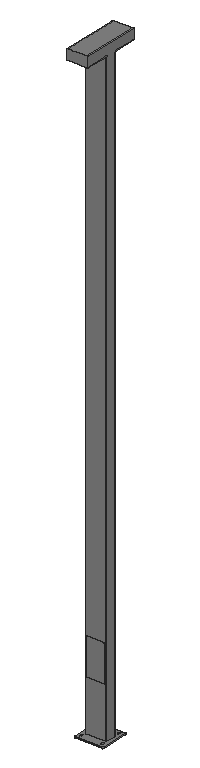
Revit family "Супремус В", category Осветительные приборы, Revit 2019 (continued)
Types (7, lengths in mm): name | Файл фотометрической сетки | built-in parameter 1150105 | Lumens | built-in parameter 1150106 | built-in parameter 1150142 | Wattage | L_общая рассеиватели | ADSK_Фактическая мощность | ADSK_Размер_Высота | ADSK_Номинальная мощность | ADSK_Наименование | ADSK_Масса_Текст | ADSK_Масса | ADSK_Артикул | 2
    .2 355.9 354.8\r\n 353.5 351.8 350.0 348.1 346.3 344.1 341.8 339.1 336.5 333.5 329.6 325.5 320.7 317.0 312.5 307.0 301.0 294.3 287.3 279.2 270.6\r\n 262.2 253.1 243.5 234.7 226.2 218.3 210.2 202.4 193.6 184.4 175.6 167.8 160.7 154.1 147.5 141.1 134.4 128.6 123.8 119.5 115.6\r\n 112.6 109.6 106.4 103.5 100.7 97.9 95.4 93.1 90.6 87.8 85.5 83.2 81.0 78.6 76.2 73.3 70.4 67.2 64.1 60.9 57.8 55.0 52.4 50.0 47.8\r\n 45.8 44.1 42.4 40.8 39.1 37.1 35.2 33.3 31.6 29.8 28.2 26.7 25.3 23.9 22.6 21.4 20.4 19.6 18.9 18.1 17.4 16.8 16.1 15.2 13.9 12.7\r\n 12.0 11.5 11.1 10.6 10.3 9.9 9.5 9.1 8.6 8.3 7.9 7.0 6.3 5.9 5.6 5.4 5.2 5.0 4.9 4.8 4.7 4.6 4.8 4.9 4.7 4.3 4.1 3.7 3.4 3.2 3.0\r\n 2.8 2.7 2.6 2.5 2.3 2.2 2.1 2.0 1.9 1.8 1.6 1.5 1.4 1.3 0.0 0.0 0.0 0.0 0.0 0.0 0.0 0.0 0.0 0.0 0.0 0.0 0.0 0.0 0.0 0.0 0.0 0.0\r\n 0.0 0.0 0.0 0.0 0.0 0.0 0.0 0.0 0.0 0.0 0.0 0.0 0.0 0.0 0.0 0.0 0.0 0.0 0.0 0.0 0.0 0.0 0.0 0.0 0.0 0.0 0.0 0.0 0.0 0.0 0.0 0.0\r\n 0.0 0.0 0.0 0.0 0.0 0.0 0.0 0.0 0.0 0.0 0.0 0.0 0.0 0.0 0.0 0.0 0.0 0.0 0.0 0.0 0.0 0.0 0.0 0.0 0.0 0.0 0.0 0.0 0.0 0.0 0.0 0.0\r\n 0.0 0.0 0.0 0.0 0.0 0.0 0.0 0.0 0.0 0.0 0.0 0.0 0.0 0.0 0.0 0.0 0.0 0.0 0.0 0.0 0.0 0.0 0.0 0.0 0.0 0.0 0.0 0.0 0.0 0.0 0.0 0.0\r\n 0.0 0.0 0.0 0.0 0.0 0.0 0.0 0.0 0.0 0.0 0.0 0.0 0.0 0.0 0.0 0.0 0.0 0.0 0.0 0.0 0.0 0.0 0.0 0.0 0.0 0.0 0.0 0.0 0.0 0.0 0.0 0.0\r\n 0.0 0.0 0.0 0.0 0.0 0.0 0.0 0.0 0.0 0.0 0.0 0.0 0.0 0.0\r\n275.6 278.1 280.8 283.4 286.3 289.3 292.6 296.0 299.5 302.9 305.9 308.9 311.5 314.2 316.6 318.8 321.2 323.4 326.0 328.6 331.0\r\n 333.2 335.2 337.0 338.7 340.4 342.0 343.5 344.8 346.3 347.8 349.1 350.6 352.1 353.3 355.0 356.3 357.8 359.3 360.4 361.4 362.2\r\n 362.8 363.1 363.9 364.3 364.7 364.7 364.5 364.1 363.1 362.5 361.7 361.0 360.6 360.3 359.9 359.5 359.0 358.3 357.3 356.1 354.9\r\n 353.5 351.8 350.0 348.2 346.3 343.7 340.9 337.9 334.7 331.3 327.4 322.9 317.8 313.9 308.9 302.9 296.0 288.4 280.8 272.3 263.8\r\n 254.5 244.2 234.3 225.1 216.9 208.9 200.5 192.3 182.9 173.7 165.6 158.5 151.8 145.5 139.6 133.6 128.2 122.9 117.7 114.3 111.1\r\n 108.2 105.4 102.5 99.5 96.7 94.1 91.6 89.0 86.3 83.8 81.9 80.2 78.2 75.7 73.2 70.3 67.2 64.1 60.7 57.3 54.3 51.7 49.1 46.8 45.0\r\n 43.4 41.9 40.4 38.9 37.0 35.0 33.1 31.4 29.6 28.1 26.7 25.3 23.9 22.7 21.7 20.8 20.0 19.3 18.7 18.0 17.4 16.9 16.2 15.4 14.1 12.7\r\n 11.7 11.2 10.8 10.4 10.1 9.7 9.3 9.0 8.6 8.2 7.8 6.9 6.2 5.8 5.6 5.3 5.1 5.0 4.9 4.8 4.7 4.7 4.9 4.9 4.6 4.3 4.1 3.8 3.4 3.2 3.0\r\n 2.8 2.7 2.6 2.5 2.4 2.4 2.2 2.1 2.0 1.8 1.7 1.5 1.4 1.3 0.0 0.0 0.0 0.0 0.0 0.0 0.0 0.0 0.0 0.0 0.0 0.0 0.0 0.0 0.0 0.0 0.0 0.0\r\n 0.0 0.0 0.0 0.0 0.0 0.0 0.0 0.0 0.0 0.0 0.0 0.0 0.0 0.0 0.0 0.0 0.0 0.0 0.0 0.0 0.0 0.0 0.0 0.0 0.0 0.0 0.0 0.0 0.0 0.0 0.0 0.0\r\n 0.0 0.0 0.0 0.0 0.0 0.0 0.0 0.0 0.0 0.0 0.0 0.0 0.0 0.0 0.0 0.0 0.0 0.0 0.0 0.0 0.0 0.0 0.0 0.0 0.0 0.0 0.0 0.0 0.0 0.0 0.0 0.0\r\n 0.0 0.0 0.0 0.0 0.0 0.0 0.0 0.0 0.0 0.0 0.0 0.0 0.0 0.0 0.0 0.0 0.0 0.0 0.0 0.0 0.0 0.0 0.0 0.0 0.0 0.0 0.0 0.0 0.0 0.0 0.0 0.0\r\n 0.0 0.0 0.0 0.0 0.0 0.0 0.0 0.0 0.0 0.0 0.0 0.0 0.0 0.0 0.0 0.0 0.0 0.0 0.0 0.0 0.0 0.0 0.0 0.0 0.0 0.0 0.0 0.0 0.0 0.0 0.0 0.0\r\n 0.0 0.0 0.0 0.0 0.0 0.0 0.0 0.0 0.0 0.0 0.0 0.0 0.0 0.0\r\n275.6 278.0 280.5 283.4 286.2 289.3 292.9 296.2 299.5 302.8 305.9 308.8 311.4 314.0 316.5 318.8 321.1 323.4 326.0 328.6 330.9\r\n 333.1 335.1 336.6 338.4 340.3 341.8 343.0 344.6 346.0 347.4 349.0 350.4 351.8 353.1 354.7 356.3 357.6 359.0 360.3 361.1 361.9\r\n 362.4 363.0 363.3 363.7 364.3 364.3 363.7 363.0 362.2 361.5 360.6 360.0 359.6 359.3 359.0 358.7 358.1 357.3 356.1 355.1 353.9\r\n 352.4 350.4 348.6 347.1 345.2 342.6 339.9 336.4 333.2 330.0 326.0 320.9 316.0 311.5 306.2 299.9 292.8 284.9 276.9 268.1 259.4\r\n 249.1 238.2 228.2 219.7 211.9 203.4 194.8 185.9 176.5 167.9 160.0 153.1 146.7 140.6 135.0 129.3 123.8 118.8 114.9 111.7 108.7\r\n 106.0 103.1 100.1 96.8 94.1 91.5 88.9 86.0 83.2 81.1 79.6 78.0 75.8 73.4 70.7 67.7 64.7 61.7 58.3 55.1 52.1 49.5 47.1 45.1 43.5\r\n 42.2 40.9 39.5 37.8 36.0 34.0 32.1 30.2 28.7 27.3 25.9 24.5 23.3 22.2 21.2 20.4 19.6 19.0 18.3 17.7 17.0 16.4 15.8 15.0 13.6 12.3\r\n 11.4 10.9 10.5 10.1 9.7 9.3 9.0 8.6 8.3 8.1 7.6 6.7 6.1 5.8 5.5 5.3 5.1 4.9 4.9 4.8 4.6 4.8 4.9 4.9 4.7 4.3 4.1 3.7 3.4 3.2 3.0\r\n 2.8 2.7 2.6 2.5 2.5 2.5 2.4 2.2 2.0 1.9 1.7 1.6 1.5 1.3 0.0 0.0 0.0 0.0 0.0 0.0 0.0 0.0 0.0 0.0 0.0 0.0 0.0 0.0 0.0 0.0 0.0 0.0\r\n 0.0 0.0 0.0 0.0 0.0 0.0 0.0 0.0 0.0 0.0 0.0 0.0 0.0 0.0 0.0 0.0 0.0 0.0 0.0 0.0 0.0 0.0 0.0 0.0 0.0 0.0 0.0 0.0 0.0 0.0 0.0 0.0\r\n 0.0 0.0 0.0 0.0 0.0 0.0 0.0 0.0 0.0 0.0 0.0 0.0 0.0 0.0 0.0 0.0 0.0 0.0 0.0 0.0 0.0 0.0 0.0 0.0 0.0 0.0 0.0 0.0 0.0 0.0 0.0 0.0\r\n 0.0 0.0 0.0 0.0 0.0 0.0 0.0 0.0 0.0 0.0 0.0 0.0 0.0 0.0 0.0 0.0 0.0 0.0 0.0 0.0 0.0 0.0 0.0 0.0 0.0 0.0 0.0 0.0 0.0 0.0 0.0 0.0\r\n 0.0 0.0 0.0 0.0 0.0 0.0 0.0 0.0 0.0 0.0 0.0 0.0 0.0 0.0 0.0 0.0 0.0 0.0 0.0 0.0 0.0 0.0 0.0 0.0 0.0 0.0 0.0 0.0 0.0 0.0 0.0 0.0\r\n 0.0 0.0 0.0 0.0 0.0 0.0 0.0 0.0 0.0 0.0 0.0 0.0 0.0 0.0\r\n275.6 278.0 280.5 283.3 286.2 289.2 292.8 296.0 299.3 302.6 305.8 308.6 311.2 313.8 316.2 318.7 321.0 323.2 325.6 328.1 330.6\r\n 332.8 334.9 336.5 338.1 339.8 341.5 342.8 344.4 345.7 346.9 348.6 350.0 351.2 352.7 354.1 355.8 357.3 358.7 360.0 360.8 361.5\r\n 362.3 362.7 363.1 363.5 364.1 364.2 363.7 363.1 362.3 361.5 360.7 360.1 359.7 359.4 359.0 359.0 358.4 357.6 356.8 355.4 354.5\r\n 353.0 351.2 349.4 347.7 345.9 343.4 340.9 338.1 335.1 331.8 327.9 323.0 318.0 312.8 307.7 301.8 295.0 287.7 279.8 271.2 262.6\r\n 253.0 242.1 232.5 223.9 216.0 207.7 198.8 190.1 180.3 171.0 162.7 155.4 148.8 142.4 136.8 131.5 126.3 120.9 115.7 112.3 109.3\r\n 106.4 103.5 100.5 97.3 94.3 91.5 88.8 85.9 83.1 80.8 79.1 77.6 75.7 73.5 70.9 68.1 65.5 62.7 59.4 56.1 53.2 50.6 48.1 45.9 44.0\r\n 42.5 41.1 39.7 38.1 36.4 34.5 32.7 30.8 29.0 27.6 26.3 24.8 23.5 22.4 21.4 20.6 19.9 19.1 18.5 17.7 17.1 16.4 15.8 15.0 13.8 12.5\r\n 11.5 11.0 10.6 10.2 9.8 9.4 9.1 8.7 8.4 8.1 7.7 6.8 6.0 5.7 5.4 5.2 5.1 4.9 4.8 4.7 4.5 4.6 4.8 4.7 4.8 4.4 4.1 3.8 3.4 3.2 3.0\r\n 2.8 2.6 2.5 2.5 2.4 2.4 2.2 2.1 1.9 1.8 1.7 1.5 1.4 1.3 0.0 0.0 0.0 0.0 0.0 0.0 0.0 0.0 0.0 0.0 0.0 0.0 0.0 0.0 0.0 0.0 0.0 0.0\r\n 0.0 0.0 0.0 0.0 0.0 0.0 0.0 0.0 0.0 0.0 0.0 0.0 0.0 0.0 0.0 0.0 0.0 0.0 0.0 0.0 0.0 0.0 0.0 0.0 0.0 0.0 0.0 0.0 0.0 0.0 0.0 0.0\r\n 0.0 0.0 0.0 0.0 0.0 0.0 0.0 0.0 0.0 0.0 0.0 0.0 0.0 0.0 0.0 0.0 0.0 0.0 0.0 0.0 0.0 0.0 0.0 0.0 0.0 0.0 0.0 0.0 0.0 0.0 0.0 0.0\r\n 0.0 0.0 0.0 0.0 0.0 0.0 0.0 0.0 0.0 0.0 0.0 0.0 0.0 0.0 0.0 0.0 0.0 0.0 0.0 0.0 0.0 0.0 0.0 0.0 0.0 0.0 0.0 0.0 0.0 0.0 0.0 0.0\r\n 0.0 0.0 0.0 0.0 0.0 0.0 0.0 0.0 0.0 0.0 0.0 0.0 0.0 0.0 0.0 0.0 0.0 0.0 0.0 0.0 0.0 0.0 0.0 0.0 0.0 0.0 0.0 0.0 0.0 0.0 0.0 0.0\r\n 0.0 0.0 0.0 0.0 0.0 0.0 0.0 0.0 0.0 0.0 0.0 0.0 0.0 0.0\r\n275.6 278.0 280.6 283.2 286.0 289.1 292.4 296.0 299.3 302.3 305.4 308.2 310.8 313.4 315.7 318.1 320.2 322.5 325.0 327.5 329.8\r\n 331.8 333.8 335.4 337.0 338.7 340.3 341.6 343.0 344.4 345.6 347.1 348.4 349.7 351.1 352.7 354.1 355.6 357.1 358.3 359.4 360.1\r\n 360.6 361.0 361.5 362.1 362.6 362.7 362.6 361.9 361.2 360.6 359.9 359.0 358.7 358.3 358.0 357.7 357.4 356.6 355.8 354.9 353.7\r\n 352.4 350.7 349.0 347.3 345.7 343.6 341.5 339.0 336.6 333.5 329.8 325.1 320.0 314.9 310.0 304.4 298.0 291.5 284.4 276.1 267.8\r\n 258.7 248.6 239.1 230.3 222.3 213.7 205.0 196.4 187.1 177.4 168.7 161.2 154.1 147.2 140.5 134.4 128.4 122.9 118.4 114.7 111.3\r\n 108.3 105.2 102.2 99.1 96.1 93.2 90.4 87.7 85.0 82.3 80.3 78.7 76.8 74.6 72.3 69.6 66.9 64.2 61.5 58.3 55.4 52.8 50.1 47.7 45.6\r\n 43.8 42.2 40.7 39.1 37.5 35.8 34.0 32.2 30.2 28.3 26.8 25.3 23.9 22.5 21.4 20.4 19.5 18.8 18.1 17.4 16.8 16.2 15.5 14.7 13.5 12.4\r\n 11.8 11.3 10.9 10.4 10.1 9.7 9.3 8.9 8.5 8.2 7.8 6.9 6.2 5.8 5.6 5.3 5.1 4.9 4.8 4.8 4.7 4.8 4.9 4.6 4.7 4.5 4.1 3.9 3.5 3.2 3.0\r\n 2.8 2.7 2.5 2.4 2.3 2.2 2.0 1.9 1.8 1.7 1.6 1.5 1.4 1.3 0.0 0.0 0.0 0.0 0.0 0.0 0.0 0.0 0.0 0.0 0.0 0.0 0.0 0.0 0.0 0.0 0.0 0.0\r\n 0.0 0.0 0.0 0.0 0.0 0.0 0.0 0.0 0.0 0.0 0.0 0.0 0.0 0.0 0.0 0.0 0.0 0.0 0.0 0.0 0.0 0.0 0.0 0.0 0.0 0.0 0.0 0.0 0.0 0.0 0.0 0.0\r\n 0.0 0.0 0.0 0.0 0.0 0.0 0.0 0.0 0.0 0.0 0.0 0.0 0.0 0.0 0.0 0.0 0.0 0.0 0.0 0.0 0.0 0.0 0.0 0.0 0.0 0.0 0.0 0.0 0.0 0.0 0.0 0.0\r\n 0.0 0.0 0.0 0.0 0.0 0.0 0.0 0.0 0.0 0.0 0.0 0.0 0.0 0.0 0.0 0.0 0.0 0.0 0.0 0.0 0.0 0.0 0.0 0.0 0.0 0.0 0.0 0.0 0.0 0.0 0.0 0.0\r\n 0.0 0.0 0.0 0.0 0.0 0.0 0.0 0.0 0.0 0.0 0.0 0.0 0.0 0.0 0.0 0.0 0.0 0.0 0.0 0.0 0.0 0.0 0.0 0.0 0.0 0.0 0.0 0.0 0.0 0.0 0.0 0.0\r\n 0.0 0.0 0.0 0.0 0.0 0.0 0.0 0.0 0.0 0.0 0.0 0.0 0.0 0.0\r\n275.6 277.9 280.5 283.0 285.7 288.8 291.9 295.1 298.6 301.8 304.7 307.5 310.0 312.7 314.9 317.1 319.3 321.3 323.8 326.2 328.6\r\n 330.6 332.5 334.2 335.8 337.2 338.8 340.3 341.5 342.8 344.1 345.3 346.5 347.8 348.9 350.4 351.8 353.1 354.7 355.9 357.0 357.9\r\n 358.6 359.0 359.7 360.0 360.6 360.9 361.2 361.1 360.5 359.9 359.4 358.7 358.1 357.7 357.4 357.0 356.8 356.2 355.6 354.8 353.6\r\n 352.7 351.5 350.1 348.5 346.9 345.3 343.9 342.3 340.2 337.9 334.7 330.4 325.3 320.9 316.7 311.2 304.9 298.8 292.8 285.3 277.7\r\n 269.5 260.7 251.8 242.7 234.2 225.7 216.9 208.2 199.5 191.0 182.8 174.6 166.8 159.5 152.7 145.6 139.0 132.8 127.8 122.8 117.9\r\n 114.3 111.0 107.9 104.7 101.5 98.3 95.4 92.7 90.1 87.5 85.0 82.7 80.7 78.6 76.4 73.8 71.0 68.2 65.6 62.8 59.5 56.5 53.7 51.1 48.5\r\n 46.4 44.4 42.7 41.2 39.7 38.3 36.7 34.9 33.1 31.3 29.5 27.5 25.8 24.4 22.9 21.5 20.3 19.4 18.5 17.7 17.0 16.2 15.5 14.6 13.5 12.7\r\n 12.2 11.9 11.4 11.0 10.6 10.3 9.9 9.5 9.0 8.6 8.3 7.7 6.9 6.3 6.0 5.7 5.5 5.3 5.2 5.0 4.8 4.6 4.7 4.7 4.6 4.5 4.2 3.9 3.6 3.3 3.1\r\n 2.9 2.7 2.5 2.3 2.2 2.1 1.9 1.9 1.8 1.7 1.6 1.5 1.4 1.3 0.0 0.0 0.0 0.0 0.0 0.0 0.0 0.0 0.0 0.0 0.0 0.0 0.0 0.0 0.0 0.0 0.0 0.0\r\n 0.0 0.0 0.0 0.0 0.0 0.0 0.0 0.0 0.0 0.0 0.0 0.0 0.0 0.0 0.0 0.0 0.0 0.0 0.0 0.0 0.0 0.0 0.0 0.0 0.0 0.0 0.0 0.0 0.0 0.0 0.0 0.0\r\n 0.0 0.0 0.0 0.0 0.0 0.0 0.0 0.0 0.0 0.0 0.0 0.0 0.0 0.0 0.0 0.0 0.0 0.0 0.0 0.0 0.0 0.0 0.0 0.0 0.0 0.0 0.0 0.0 0.0 0.0 0.0 0.0\r\n 0.0 0.0 0.0 0.0 0.0 0.0 0.0 0.0 0.0 0.0 0.0 0.0 0.0 0.0 0.0 0.0 0.0 0.0 0.0 0.0 0.0 0.0 0.0 0.0 0.0 0.0 0.0 0.0 0.0 0.0 0.0 0.0\r\n 0.0 0.0 0.0 0.0 0.0 0.0 0.0 0.0 0.0 0.0 0.0 0.0 0.0 0.0 0.0 0.0 0.0 0.0 0.0 0.0 0.0 0.0 0.0 0.0 0.0 0.0 0.0 0.0 0.0 0.0 0.0 0.0\r\n 0.0 0.0 0.0 0.0 0.0 0.0 0.0 0.0 0.0 0.0 0.0 0.0 0.0 0.0\r\n275.6 277.9 280.2 282.8 285.5 288.3 291.4 294.6 297.9 300.9 303.8 306.5 308.9 311.5 313.7 315.9 318.0 319.9 322.1 324.4 326.7\r\n 328.7 330.6 332.3 333.7 335.0 336.3 337.6 339.0 340.3 341.4 342.6 343.8 344.9 345.9 347.2 348.3 349.8 351.0 352.3 353.5 354.7\r\n 355.4 356.0 356.6 357.1 357.5 358.0 358.6 358.8 358.7 358.4 357.9 357.6 357.2 356.6 356.3 356.2 355.9 355.5 355.2 354.7 353.9\r\n 353.1 352.1 351.0 349.9 348.4 346.9 346.0 345.2 343.6 342.2 339.6 335.8 330.6 326.0 322.7 318.0 311.6 305.1 299.7 293.4 286.7\r\n 279.6 271.7 264.0 256.0 248.5 241.1 233.2 225.1 216.8 208.7 200.6 193.0 185.6 178.3 171.0 163.4 156.1 149.0 142.5 136.7 131.3\r\n 126.5 122.2 118.3 114.7 111.0 107.6 104.2 100.7 97.7 94.8 92.1 89.3 87.0 84.7 82.7 80.5 78.0 75.2 72.1 69.2 66.4 63.5 60.7 57.6\r\n 54.4 51.5 48.9 46.6 44.6 42.9 41.3 39.8 38.3 36.8 35.2 33.4 31.7 30.0 28.1 26.3 24.6 23.1 21.8 20.6 19.5 18.6 17.9 17.1 16.4 15.6\r\n 14.8 14.0 13.5 13.0 12.6 12.1 11.7 11.2 10.8 10.3 9.8 9.4 8.9 8.2 7.7 7.3 7.1 6.8 6.5 6.3 6.1 5.8 5.5 5.3 5.3 5.2 4.9 4.6 4.2 3.9\r\n 3.6 3.3 3.0 2.8 2.6 2.4 2.2 2.0 1.9 1.8 1.7 1.6 1.5 1.4 1.3 1.2 0.0 0.0 0.0 0.0 0.0 0.0 0.0 0.0 0.0 0.0 0.0 0.0 0.0 0.0 0.0 0.0\r\n 0.0 0.0 0.0 0.0 0.0 0.0 0.0 0.0 0.0 0.0 0.0 0.0 0.0 0.0 0.0 0.0 0.0 0.0 0.0 0.0 0.0 0.0 0.0 0.0 0.0 0.0 0.0 0.0 0.0 0.0 0.0 0.0\r\n 0.0 0.0 0.0 0.0 0.0 0.0 0.0 0.0 0.0 0.0 0.0 0.0 0.0 0.0 0.0 0.0 0.0 0.0 0.0 0.0 0.0 0.0 0.0 0.0 0.0 0.0 0.0 0.0 0.0 0.0 0.0 0.0\r\n 0.0 0.0 0.0 0.0 0.0 0.0 0.0 0.0 0.0 0.0 0.0 0.0 0.0 0.0 0.0 0.0 0.0 0.0 0.0 0.0 0.0 0.0 0.0 0.0 0.0 0.0 0.0 0.0 0.0 0.0 0.0 0.0\r\n 0.0 0.0 0.0 0.0 0.0 0.0 0.0 0.0 0.0 0.0 0.0 0.0 0.0 0.0 0.0 0.0 0.0 0.0 0.0 0.0 0.0 0.0 0.0 0.0 0.0 0.0 0.0 0.0 0.0 0.0 0.0 0.0\r\n 0.0 0.0 0.0 0.0 0.0 0.0 0.0 0.0 0.0 0.0 0.0 0.0 0.0 0.0 0.0 0.0\r\n275.6 277.9 280.1 282.6 285.0 287.7 290.6 293.5 296.7 299.7 302.5 305.4 307.9 310.2 312.5 314.4 316.5 318.4 320.2 322.4 324.4\r\n 326.4 328.4 330.1 331.4 332.9 334.0 335.5 336.7 338.0 339.4 340.3 341.3 342.2 343.1 344.1 345.0 346.1 347.4 348.5 349.8 351.0\r\n 352.2 353.1 353.7 354.3 355.0 355.2 356.0 356.6 357.1 357.4 357.5 357.2 357.1 357.0 356.8 356.5 356.5 356.5 356.3 355.8 355.5\r\n 355.1 354.5 353.7 352.9 352.0 350.7 349.7 349.3 348.7 347.8 346.5 344.1 340.5 336.0 332.7 329.1 324.0 318.2 312.9 307.9 302.1\r\n 296.1 290.1 283.9 277.7 271.3 264.8 258.5 251.4 244.4 237.5 230.5 223.4 216.1 208.7 201.5 194.2 187.2 180.1 173.2 166.4 159.7\r\n 153.5 147.5 141.9 137.0 132.4 127.7 123.1 118.4 114.1 109.7 105.7 102.1 98.4 94.7 91.3 88.5 86.1 83.9 81.4 78.7 75.6 72.3 69.1\r\n 66.1 63.0 59.8 56.4 53.0 49.9 47.1 44.7 42.7 40.9 39.3 37.8 36.5 35.1 33.8 32.4 30.9 29.3 27.8 26.3 24.7 23.3 22.3 21.5 20.8 20.0\r\n 19.2 18.5 17.9 17.4 16.7 16.1 15.4 14.9 14.4 13.9 13.3 12.7 12.1 11.7 11.1 10.4 9.9 9.5 9.1 8.8 8.4 8.1 7.7 7.2 6.8 6.6 6.4 6.1\r\n 5.6 5.1 4.6 4.1 3.7 3.4 3.1 2.8 2.6 2.4 2.2 2.0 1.9 1.7 1.7 1.5 1.4 1.3 1.1 0.0 0.0 0.0 0.0 0.0 0.0 0.0 0.0 0.0 0.0 0.0 0.0 0.0\r\n 0.0 0.0 0.0 0.0 0.0 0.0 0.0 0.0 0.0 0.0 0.0 0.0 0.0 0.0 0.0 0.0 0.0 0.0 0.0 0.0 0.0 0.0 0.0 0.0 0.0 0.0 0.0 0.0 0.0 0.0 0.0 0.0\r\n 0.0 0.0 0.0 0.0 0.0 0.0 0.0 0.0 0.0 0.0 0.0 0.0 0.0 0.0 0.0 0.0 0.0 0.0 0.0 0.0 0.0 0.0 0.0 0.0 0.0 0.0 0.0 0.0 0.0 0.0 0.0 0.0\r\n 0.0 0.0 0.0 0.0 0.0 0.0 0.0 0.0 0.0 0.0 0.0 0.0 0.0 0.0 0.0 0.0 0.0 0.0 0.0 0.0 0.0 0.0 0.0 0.0 0.0 0.0 0.0 0.0 0.0 0.0 0.0 0.0\r\n 0.0 0.0 0.0 0.0 0.0 0.0 0.0 0.0 0.0 0.0 0.0 0.0 0.0 0.0 0.0 0.0 0.0 0.0 0.0 0.0 0.0 0.0 0.0 0.0 0.0 0.0 0.0 0.0 0.0 0.0 0.0 0.0\r\n 0.0 0.0 0.0 0.0 0.0 0.0 0.0 0.0 0.0 0.0 0.0 0.0 0.0 0.0 0.0 0.0 0.0 0.0 0.0\r\n275.6 277.7 280.0 282.2 284.4 286.9 289.7 292.4 295.3 298.3 301.0 303.6 306.0 308.2 310.4 312.2 314.1 316.0 317.8 319.2 321.5\r\n 323.3 325.2 326.8 328.3 329.6 331.0 332.3 333.4 334.7 335.9 336.9 337.7 338.6 339.5 340.2 340.9 341.8 342.9 343.9 345.0 346.1\r\n 347.3 348.2 349.4 350.2 351.0 351.5 352.3 352.9 353.5 354.3 354.9 355.5 355.8 356.1 356.2 356.2 356.5 356.6 356.6 356.8 356.6\r\n 356.5 356.2 356.1 355.9 355.7 355.0 354.1 353.8 353.5 353.3 353.1 352.0 349.7 346.8 344.5 342.0 338.2 333.6 329.4 325.5 321.5\r\n 316.6 311.5 306.5 301.3 296.1 290.7 285.5 280.2 274.8 269.2 263.2 257.5 251.5 245.7 239.7 233.4 226.6 219.1 211.5 204.1 197.0\r\n 190.4 183.8 176.9 170.1 163.8 157.8 152.2 146.8 141.3 135.8 130.7 125.8 121.1 116.6 112.3 107.9 103.3 99.3 95.9 93.1 90.6 87.8\r\n 84.7 81.3 77.6 74.0 70.7 67.5 64.1 60.7 57.4 54.2 51.0 48.0 45.7 43.7 41.9 40.3 38.9 37.5 36.3 35.0 33.8 32.5 31.3 30.1 29.0 27.7\r\n 26.5 25.5 24.5 23.7 22.9 22.0 21.1 20.2 19.4 18.6 17.8 17.1 16.4 15.7 15.0 14.2 13.2 12.3 11.5 10.9 10.2 9.6 9.0 8.3 7.6 7.1 6.6\r\n 6.2 5.9 5.4 5.0 4.4 4.0 3.6 3.3 3.0 2.8 2.5 2.3 2.1 2.0 1.9 1.8 1.6 1.5 1.3 1.2 1.0 0.0 0.0 0.0 0.0 0.0 0.0 0.0 0.0 0.0 0.0 0.0\r\n 0.0 0.0 0.0 0.0 0.0 0.0 0.0 0.0 0.0 0.0 0.0 0.0 0.0 0.0 0.0 0.0 0.0 0.0 0.0 0.0 0.0 0.0 0.0 0.0 0.0 0.0 0.0 0.0 0.0 0.0 0.0 0.0\r\n 0.0 0.0 0.0 0.0 0.0 0.0 0.0 0.0 0.0 0.0 0.0 0.0 0.0 0.0 0.0 0.0 0.0 0.0 0.0 0.0 0.0 0.0 0.0 0.0 0.0 0.0 0.0 0.0 0.0 0.0 0.0 0.0\r\n 0.0 0.0 0.0 0.0 0.0 0.0 0.0 0.0 0.0 0.0 0.0 0.0 0.0 0.0 0.0 0.0 0.0 0.0 0.0 0.0 0.0 0.0 0.0 0.0 0.0 0.0 0.0 0.0 0.0 0.0 0.0 0.0\r\n 0.0 0.0 0.0 0.0 0.0 0.0 0.0 0.0 0.0 0.0 0.0 0.0 0.0 0.0 0.0 0.0 0.0 0.0 0.0 0.0 0.0 0.0 0.0 0.0 0.0 0.0 0.0 0.0 0.0 0.0 0.0 0.0\r\n 0.0 0.0 0.0 0.0 0.0 0.0 0.0 0.0 0.0 0.0 0.0 0.0 0.0 0.0 0.0 0.0 0.0 0.0 0.0 0.0 0.0\r\n275.6 277.6 279.6 281.8 283.9 286.2 288.6 291.3 293.7 296.5 299.1 301.6 303.9 306.0 308.0 310.0 311.6 313.5 315.1 316.6 318.2\r\n 319.9 321.6 323.3 324.9 326.2 327.7 328.9 330.2 331.3 332.1 333.1 334.2 335.4 336.0 336.9 337.5 338.3 339.0 339.8 340.5 341.4\r\n 342.2 343.2 344.3 345.2 346.3 347.5 348.6 349.6 350.4 351.2 352.2 353.0 353.9 354.8 355.5 356.3 356.9 357.5 358.0 358.5 359.0\r\n 359.7 360.0 360.4 360.8 361.1 361.4 361.4 361.4 361.5 361.8 362.2 362.7 361.8 360.2 358.7 357.5 355.2 352.1 348.8 345.8 343.1\r\n 340.3 337.2 333.8 330.8 327.4 324.2 320.5 316.9 312.9 308.8 304.4 299.8 295.3 291.1 286.9 282.7 278.4 274.0 269.3 264.3 258.8\r\n 252.6 246.
